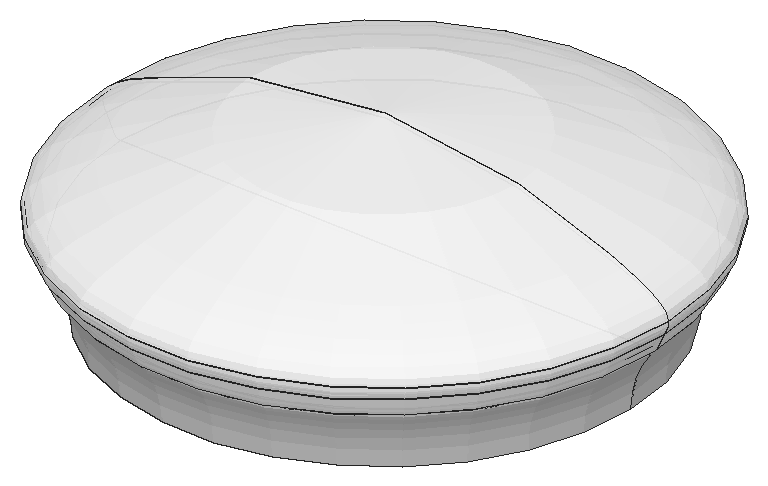
Revit family "0043406", category Lighting Devices, host Face, Revit 2023 (continued)
Definition of nested family "0043406_4000K_13.5W_lightsource"
  Parameters (values of type "START SURFACE IP54 MW 500-2000 830/840 lightsource")
    built-in parameter 1150142 = "IESNA:LM-63-2002\r\n[TEST] 20231108001M-01\r\n[TESTLAB] \r\n[TESTDATE] 8 Nov 2023\r\n[ISSUEDATE] 8 Nov 2023\r\n[MANUFAC] SYLVANIA\r\n[LUMCAT] 0043406\r\n[LUMINAIRE] START Surface IP44 Multip MW 2000lm 830 840-4000K 2µµ\r\n[FLASHAREA] 0.017100\r\n[LAMPCAT] LED\r\n[LAMP] LED\r\nTILT=NONE\r\n1 1500.00 1.0 181 3 1 2 -0.300 -0.300 0.000\r\n1.00 1.00 13.50\r\n0.00 1.00 2.00 3.00 4.00 5.00 6.00 7.00 8.00 9.00 10.00 \r\n11.00 12.00 13.00 14.00 15.00 16.00 17.00 18.00 19.00 \r\n20.00 21.00 22.00 23.00 24.00 25.00 26.00 27.00 28.00 \r\n29.00 30.00 31.00 32.00 33.00 34.00 35.00 36.00 37.00 \r\n38.00 39.00 40.00 41.00 42.00 43.00 44.00 45.00 46.00 \r\n47.00 48.00 49.00 50.00 51.00 52.00 53.00 54.00 55.00 \r\n56.00 57.00 58.00 59.00 60.00 61.00 62.00 63.00 64.00 \r\n65.00 66.00 67.00 68.00 69.00 70.00 71.00 72.00 73.00 \r\n74.00 75.00 76.00 77.00 78.00 79.00 80.00 81.00 82.00 \r\n83.00 84.00 85.00 86.00 87.00 88.00 89.00 90.00 91.00 \r\n92.00 93.00 94.00 95.00 96.00 97.00 98.00 99.00 100.00 \r\n101.00 102.00 103.00 104.00 105.00 106.00 107.00 108.00 \r\n109.00 110.00 111.00 112.00 113.00 114.00 115.00 116.00 \r\n117.00 118.00 119.00 120.00 121.00 122.00 123.00 124.00 \r\n125.00 126.00 127.00 128.00 129.00 130.00 131.00 132.00 \r\n133.00 134.00 135.00 136.00 137.00 138.00 139.00 140.00 \r\n141.00 142.00 143.00 144.00 145.00 146.00 147.00 148.00 \r\n149.00 150.00 151.00 152.00 153.00 154.00 155.00 156.00 \r\n157.00 158.00 159.00 160.00 161.00 162.00 163.00 164.00 \r\n165.00 166.00 167.00 168.00 169.00 170.00 171.00 172.00 \r\n173.00 174.00 175.00 176.00 177.00 178.00 179.00 180.00 \r\n0.00 45.00 90.00 \r\n401.25 401.40 401.25 400.95 400.65 400.20 399.60 398.85 \r\n397.95 396.90 395.85 394.65 393.30 391.80 390.30 388.50 \r\n386.70 384.75 382.80 380.55 378.30 375.75 373.35 370.65 \r\n367.80 364.95 361.95 358.80 355.65 352.20 348.75 345.15 \r\n341.40 337.65 333.75 329.85 325.80 321.60 317.40 312.90 \r\n308.55 304.05 299.40 294.75 289.95 285.15 280.20 275.25 \r\n270.15 264.90 259.65 254.40 249.00 243.60 238.05 232.65 \r\n226.95 221.25 215.55 210.00 204.30 198.60 192.90 187.05 \r\n181.50 175.65 170.25 164.55 159.15 153.75 148.23 142.97 \r\n137.79 132.75 127.62 122.67 117.80 112.98 108.39 103.81 \r\n99.44 95.16 91.02 86.95 83.01 79.28 75.55 72.11 68.67 \r\n65.40 62.22 59.19 56.27 53.52 50.97 48.54 46.24 44.07 \r\n42.05 40.11 38.27 36.62 35.09 33.64 32.38 31.24 30.18 \r\n29.20 28.26 27.49 26.80 26.17 25.58 25.04 24.51 24.03 \r\n23.58 23.13 22.73 22.29 21.88 21.48 21.09 20.70 20.28 \r\n19.89 19.48 19.07 18.63 18.20 17.79 17.38 17.01 16.68 \r\n16.34 15.99 15.64 15.27 14.92 14.56 14.20 13.84 13.50 \r\n13.06 12.59 12.08 11.55 11.00 10.50 10.02 9.59 9.29 9.12 \r\n9.10 9.28 9.36 9.40 9.42 9.38 9.35 9.50 9.64 9.77 9.79 \r\n9.73 9.38 8.66 7.47 5.86 4.43 3.77 3.59 3.70 4.00 4.18 \r\n4.25 5.13 5.94 6.62 6.94 7.08 \r\n401.25 401.25 401.10 400.95 400.65 400.20 399.60 399.00 \r\n398.10 397.20 396.15 394.95 393.60 392.25 390.60 388.95 \r\n387.15 385.20 383.10 381.00 378.60 376.20 373.65 371.10 \r\n368.25 365.25 362.25 359.10 355.95 352.50 349.05 345.60 \r\n341.85 338.10 334.05 330.00 326.10 321.90 317.55 313.35 \r\n309.00 304.50 300.00 295.35 290.40 285.60 280.65 275.55 \r\n270.45 265.35 260.10 254.85 249.60 244.05 238.65 232.95 \r\n227.40 221.70 216.15 210.60 204.75 199.05 193.35 187.65 \r\n181.95 176.25 170.40 165.00 159.45 153.90 148.48 143.22 \r\n138.02 132.72 127.68 122.75 117.90 113.19 108.63 104.06 \r\n99.68 95.40 91.20 87.21 83.37 79.72 76.02 72.54 69.16 \r\n65.89 62.78 59.82 57.00 54.21 51.68 49.17 46.80 44.59 \r\n42.55 40.66 38.80 37.14 35.55 34.06 32.74 31.53 30.49 \r\n29.55 28.65 27.87 27.18 26.57 26.05 25.61 25.21 24.90 \r\n24.63 24.42 24.18 23.85 23.48 23.05 22.61 22.08 21.51 \r\n20.92 20.28 19.68 19.13 18.57 18.03 17.48 16.88 16.17 \r\n15.32 14.43 13.57 12.75 11.90 11.08 10.31 9.61 9.05 8.54 \r\n8.06 7.61 7.10 6.73 6.43 6.45 6.58 6.72 6.92 7.23 7.53 \r\n7.85 8.25 8.37 8.27 8.04 7.78 7.35 6.93 6.61 6.17 5.78 \r\n4.95 3.93 3.85 3.77 3.69 3.61 3.53 3.78 3.94 4.05 4.44 \r\n4.97 6.18 7.38 7.59 \r\n401.25 401.25 401.25 401.10 400.80 400.20 399.60 398.85 \r\n398.10 397.05 396.15 394.95 393.60 392.10 390.45 388.80 \r\n387.00 385.05 383.10 381.00 378.60 376.20 373.80 371.10 \r\n368.25 365.25 362.25 359.25 356.10 352.65 349.20 345.60 \r\n342.00 338.10 334.20 330.45 326.25 322.05 317.85 313.50 \r\n309.15 304.65 300.00 295.35 290.55 285.75 280.80 275.85 \r\n270.75 265.50 260.25 255.00 249.60 244.05 238.50 232.95 \r\n227.40 221.70 216.00 210.45 204.60 198.90 193.20 187.50 \r\n181.80 176.10 170.55 164.85 159.30 153.90 148.43 143.09 \r\n137.84 132.78 127.68 122.73 117.87 113.00 108.45 103.94 \r\n99.50 95.28 91.11 87.14 83.20 79.44 75.78 72.25 68.88 \r\n65.61 62.46 59.49 56.63 53.94 51.39 48.95 46.62 44.47 \r\n42.42 40.47 38.61 37.01 35.45 34.04 32.79 31.61 30.53 \r\n29.57 28.63 27.91 27.20 26.64 26.16 25.74 25.37 25.04 \r\n24.80 24.48 24.24 24.00 23.77 23.57 23.34 23.14 22.96 \r\n22.80 22.62 22.44 22.27 22.11 21.91 21.63 21.24 20.80 \r\n20.27 19.68 18.98 18.29 17.57 16.83 16.09 15.39 14.79 \r\n14.28 13.86 13.45 13.06 12.66 12.28 11.94 11.52 11.15 \r\n10.73 10.27 9.77 9.28 8.77 8.26 7.78 7.06 6.53 5.96 5.17 \r\n4.33 3.60 3.04 3.10 3.75 4.43 4.65 4.30 3.33 3.49 3.64 \r\n3.80 3.95 4.11 4.90 6.18 7.72 8.10 \r\n"
    Model = "START SURFACE IP54 MW 500-2000 830/840 lightsource"
    Manufacturer = "Feilo Sylvania"
    built-in parameter 1150105 = 411.84 (stored number, unit not read)
    Lumens = 1539 lm
    built-in parameter 1150115 = 1 (stored number, unit not read)
    built-in parameter 1150137 = (empty or 0)
    built-in parameter 1150139 = (empty or 0)
    built-in parameter 1150112 = 1 (stored number, unit not read)
    built-in parameter 1150114 = 1 (stored number, unit not read)
    Lamp = "LED"
    Keynote = "16500"
    built-in parameter 1150132 = (empty or 0)
    built-in parameter 1150102 = 114
    built-in parameter 1150107 = 4000 (stored number, unit not read)
    built-in parameter 1150138 = (empty or 0)
    built-in parameter 1150106 = 4.1184 (stored number, unit not read)
    Emit from Circle Diameter = 300 mm  # constant formula
    Emit Shape Visible in Rendering = no
    built-in parameter 1150104 = 10.591 (stored number, unit not read)
    Dimming Lamp Color Temperature Shift = (empty or 0)
    Description = ""
    Default Elevation = 1219.2 mm
    Cost = 0
    Color Filter = 16777215
    built-in parameter 1114216 [instance] = (empty or 0)
    built-in parameter 1114218 = 1 (stored number, unit not read)
    built-in parameter 1150133 = 10 (stored number, unit not read)
    Assembly Code = "D5020200"
    Apparent Load = 0 VA
  Reference planes
    plane 1 "Center (Front/Back)": y = 0
    plane 2: z = 0
    plane 3 "Center (Left/Right)": x = 0
  Forms (mm)
    Extrusion 1, solid
      sketch origin (4.2, 0, 0) x (1, 0, 0) y (0, 1, 0)
        loop
          line (-1219.2, 1219.2) -> (-1219.2, -1219.2) -> (1219.2, -1219.2) -> (1219.2, 1219.2) -> (-1219.2, 1219.2)
      from 0 to -68.017
  Dimensions and locks
    aligned and locked: plane 2 to Extrusion 1
    aligned and locked: level to Extrusion 1
Definition of nested family "0043406_4000K_17.5W_lightsource"
  Parameters (values of type "START SURFACE IP54 MW 500-2000 830/840 lightsource")
    Wattage Comments = "n/a"
    Wattage = 17.5 W
    built-in parameter 1150110 = 1 (stored number, unit not read)
    URL = "http://www.sylvania-lighting.com"
    Type Image = (empty or 0)
    Type Comments = "n/a"
    built-in parameter 1114217 = 1 (stored number, unit not read)
    Tilt Angle = -90.00°
    built-in parameter 1150109 = 1 (stored number, unit not read)
    built-in parameter 1150134 = 12
    built-in parameter 1150113 = 1 (stored number, unit not read)
    Photometric Web File = "0043406_4000K_17.5W.IES"
    built-in parameter 1150142 = "IESNA:LM-63-2002\r\n[TEST] 20231108001M-01\r\n[TESTLAB] \r\n[TESTDATE] 8 Nov 2023\r\n[ISSUEDATE] 8 Nov 2023\r\n[MANUFAC] SYLVANIA\r\n[LUMCAT] 0043406\r\n[LUMINAIRE] START Surface IP44 Multip MW 2000lm 830/840-4000K 1µµ\r\n[FLASHAREA] 0.017100\r\n[LAMPCAT] LED\r\n[LAMP] LED\r\nTILT=NONE\r\n1 2000.00 1.0 181 3 1 2 -0.300 -0.300 0.000\r\n1.00 1.00 17.50\r\n0.00 1.00 2.00 3.00 4.00 5.00 6.00 7.00 8.00 9.00 10.00 \r\n11.00 12.00 13.00 14.00 15.00 16.00 17.00 18.00 19.00 \r\n20.00 21.00 22.00 23.00 24.00 25.00 26.00 27.00 28.00 \r\n29.00 30.00 31.00 32.00 33.00 34.00 35.00 36.00 37.00 \r\n38.00 39.00 40.00 41.00 42.00 43.00 44.00 45.00 46.00 \r\n47.00 48.00 49.00 50.00 51.00 52.00 53.00 54.00 55.00 \r\n56.00 57.00 58.00 59.00 60.00 61.00 62.00 63.00 64.00 \r\n65.00 66.00 67.00 68.00 69.00 70.00 71.00 72.00 73.00 \r\n74.00 75.00 76.00 77.00 78.00 79.00 80.00 81.00 82.00 \r\n83.00 84.00 85.00 86.00 87.00 88.00 89.00 90.00 91.00 \r\n92.00 93.00 94.00 95.00 96.00 97.00 98.00 99.00 100.00 \r\n101.00 102.00 103.00 104.00 105.00 106.00 107.00 108.00 \r\n109.00 110.00 111.00 112.00 113.00 114.00 115.00 116.00 \r\n117.00 118.00 119.00 120.00 121.00 122.00 123.00 124.00 \r\n125.00 126.00 127.00 128.00 129.00 130.00 131.00 132.00 \r\n133.00 134.00 135.00 136.00 137.00 138.00 139.00 140.00 \r\n141.00 142.00 143.00 144.00 145.00 146.00 147.00 148.00 \r\n149.00 150.00 151.00 152.00 153.00 154.00 155.00 156.00 \r\n157.00 158.00 159.00 160.00 161.00 162.00 163.00 164.00 \r\n165.00 166.00 167.00 168.00 169.00 170.00 171.00 172.00 \r\n173.00 174.00 175.00 176.00 177.00 178.00 179.00 180.00 \r\n0.00 45.00 90.00 \r\n536.40 536.40 536.20 535.80 535.40 534.60 533.80 532.80 \r\n531.80 530.40 529.00 527.20 525.40 523.60 521.40 519.00 \r\n516.60 514.00 511.40 508.40 505.40 502.00 498.60 495.00 \r\n491.40 487.40 483.40 479.20 474.80 470.20 465.40 460.80 \r\n455.80 450.80 445.60 440.20 435.00 429.40 423.60 417.80 \r\n412.00 406.00 399.80 393.60 387.00 380.40 373.80 367.20 \r\n360.40 353.60 346.60 339.40 332.20 325.00 317.60 310.20 \r\n302.80 295.20 287.60 280.20 272.60 264.80 257.20 249.60 \r\n242.00 234.40 226.80 219.60 212.20 205.00 197.78 190.76 \r\n183.68 176.90 170.02 163.44 157.02 150.66 144.50 138.36 \r\n132.54 126.78 121.32 115.90 110.72 105.68 100.74 96.06 \r\n91.60 87.18 82.94 78.84 75.08 71.44 68.04 64.84 61.68 \r\n58.76 56.04 53.48 51.18 48.94 46.90 44.94 43.26 41.70 \r\n40.28 39.04 37.90 36.88 35.90 35.06 34.26 33.50 32.84 \r\n32.22 31.58 30.98 30.42 29.86 29.34 28.80 28.24 27.70 \r\n27.18 26.64 26.06 25.52 24.96 24.36 23.84 23.32 22.80 \r\n22.36 21.88 21.44 20.98 20.46 20.00 19.50 19.01 18.56 \r\n18.09 17.48 16.83 16.15 15.44 14.75 14.08 13.48 12.88 \r\n12.50 12.30 12.26 12.56 12.68 12.74 12.76 12.65 12.66 \r\n12.85 13.07 13.20 13.22 13.10 12.63 11.61 9.97 7.94 5.92 \r\n5.05 4.83 5.04 5.47 5.74 5.82 7.04 8.10 9.00 9.37 9.54 \r\n536.40 536.40 536.20 535.80 535.40 534.80 534.00 533.00 \r\n531.80 530.60 529.20 527.60 525.60 523.60 521.60 519.20 \r\n516.80 514.20 511.40 508.40 505.40 502.20 498.80 495.20 \r\n491.60 487.60 483.60 479.40 475.00 470.40 465.80 461.00 \r\n456.00 451.20 445.80 440.60 435.00 429.60 423.80 418.00 \r\n412.00 406.00 400.00 393.60 387.20 380.80 374.20 367.40 \r\n360.40 353.60 346.60 339.40 332.40 325.20 317.80 310.40 \r\n303.00 295.40 288.00 280.40 272.60 264.80 257.20 249.60 \r\n242.00 234.40 226.80 219.40 212.00 204.60 197.48 190.42 \r\n183.48 176.54 169.88 163.22 156.78 150.36 144.34 138.32 \r\n132.52 126.78 121.16 115.86 110.76 105.86 100.98 96.32 \r\n91.86 87.46 83.34 79.38 75.60 72.04 68.58 65.34 62.28 \r\n59.38 56.52 54.02 51.54 49.36 47.34 45.40 43.64 42.06 \r\n40.58 39.32 38.22 37.20 36.30 35.50 34.82 34.26 33.74 \r\n33.32 33.00 32.70 32.38 31.94 31.42 30.88 30.26 29.56 \r\n28.80 27.98 27.12 26.36 25.62 24.86 24.14 23.42 22.58 \r\n21.54 20.38 19.24 18.08 16.96 15.82 14.80 13.81 12.91 \r\n12.13 11.47 10.85 10.23 9.56 9.07 8.67 8.67 8.84 9.02 \r\n9.32 9.74 10.15 10.58 11.11 11.29 11.13 10.80 10.49 9.87 \r\n9.32 8.91 8.35 7.83 6.68 5.36 4.67 4.70 4.72 4.72 4.78 \r\n5.14 5.34 5.45 6.06 6.76 8.37 9.91 10.27 \r\n536.40 536.40 536.40 536.20 535.60 535.00 534.00 533.20 \r\n532.00 530.80 529.40 527.60 525.80 523.80 521.80 519.60 \r\n517.00 514.40 511.60 508.80 505.60 502.40 499.00 495.40 \r\n491.60 487.60 483.80 479.60 475.20 470.80 466.00 461.20 \r\n456.40 451.40 446.20 440.80 435.40 429.80 424.00 418.20 \r\n412.40 406.20 400.00 393.80 387.40 381.00 374.40 367.80 \r\n360.80 353.80 347.00 339.80 332.80 325.40 318.00 310.60 \r\n303.00 295.60 288.00 280.40 272.60 265.00 257.20 249.60 \r\n242.00 234.60 227.00 219.40 212.20 204.80 197.62 190.54 \r\n183.48 176.50 169.82 163.18 156.82 150.38 144.26 138.12 \r\n132.34 126.66 121.20 115.84 110.60 105.68 100.64 96.04 \r\n91.52 87.30 83.06 78.98 75.32 71.78 68.36 65.16 61.98 \r\n59.06 56.34 53.82 51.48 49.30 47.26 45.28 43.60 42.04 \r\n40.66 39.44 38.30 37.28 36.24 35.52 34.88 34.36 33.90 \r\n33.44 33.14 32.76 32.38 32.04 31.78 31.50 31.16 30.94 \r\n30.68 30.46 30.20 29.98 29.74 29.56 29.30 28.94 28.40 \r\n27.80 27.06 26.26 25.38 24.46 23.48 22.52 21.52 20.60 \r\n19.80 19.10 18.58 18.03 17.47 16.93 16.44 15.97 15.41 \r\n14.91 14.38 13.78 13.11 12.44 11.74 11.08 10.39 9.45 8.72 \r\n7.99 6.90 5.81 4.83 4.07 4.25 5.14 6.05 6.35 5.83 4.51 \r\n4.26 4.26 4.27 4.41 5.64 6.71 8.42 10.46 10.99 \r\n"
    Model = "START SURFACE IP54 MW 500-2000 830/840 lightsource"
    Manufacturer = "Feilo Sylvania"
    built-in parameter 1150105 = 535.06 (stored number, unit not read)
    Lumens = 1995 lm
    built-in parameter 1150115 = 1 (stored number, unit not read)
    built-in parameter 1150137 = (empty or 0)
    built-in parameter 1150139 = (empty or 0)
    built-in parameter 1150112 = 1 (stored number, unit not read)
    built-in parameter 1150114 = 1 (stored number, unit not read)
    Lamp = "LED"
    Keynote = "16500"
    built-in parameter 1150132 = (empty or 0)
    built-in parameter 1150102 = 114
    built-in parameter 1150107 = 4000 (stored number, unit not read)
    built-in parameter 1150138 = (empty or 0)
    built-in parameter 1150106 = 5.3506 (stored number, unit not read)
    Emit from Circle Diameter = 300 mm  # constant formula
    Emit Shape Visible in Rendering = no
    built-in parameter 1150104 = 10.591 (stored number, unit not read)
    Dimming Lamp Color Temperature Shift = (empty or 0)
    Description = ""
    Default Elevation = 1219.2 mm
    Cost = 0
    Color Filter = 16777215
    built-in parameter 1114216 [instance] = (empty or 0)
    built-in parameter 1114218 = 1 (stored number, unit not read)
    built-in parameter 1150133 = 10 (stored number, unit not read)
    Assembly Code = "D5020200"
    Apparent Load = 0 VA
  Reference planes
    plane 1 "Center (Front/Back)": y = 0
    plane 2: z = 0
    plane 3 "Center (Left/Right)": x = 0
  Forms (mm)
    Extrusion 1, solid
      sketch origin (4.2, 0, 0) x (1, 0, 0) y (0, 1, 0)
        loop
          line (-1219.2, 1219.2) -> (-1219.2, -1219.2) -> (1219.2, -1219.2) -> (1219.2, 1219.2) -> (-1219.2, 1219.2)
      from 0 to -68.017
  Dimensions and locks
    aligned and locked: plane 2 to Extrusion 1
    aligned and locked: level to Extrusion 1
